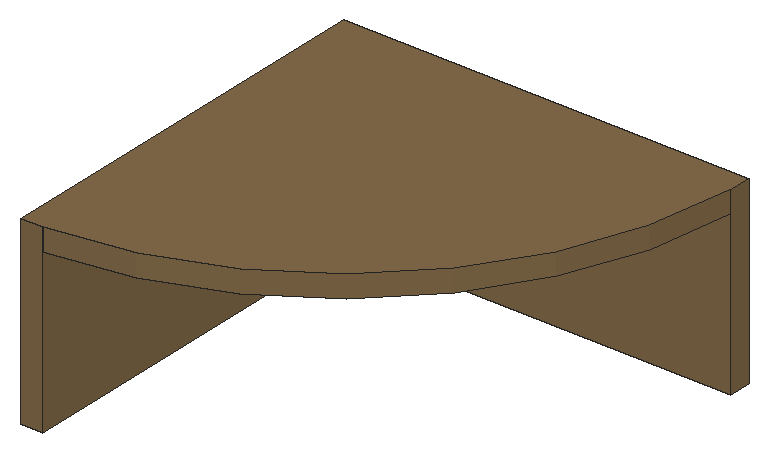
Revit family "角落夹", category 家具, Revit 2019
Family settings
  OmniClass 编号 = 23.40.20.00
  OmniClass 标题 = General Furniture and Specialties
  基于工作平面 = 否
  总是垂直 = 是
  加载时剪切的空心 = 否
  共享 = 否
  房间计算点 = 否
Parameters (values of type "黑胡桃木")
  高度 = 100 mm
  长度 = 220 mm
  说明 = "承重3kg"
  材质 = 胡桃木_黑色_树脂涂装
  成本 = 320
  宽度 = 220 mm
  型号 = "37462069"
  制造商 = "MUJI"
Types (3, lengths in mm): name | 材质 | 成本 | 型号
  (no name) | 胡桃木_黑色_树脂涂装 | 320 | "37462069"
  白橡木 | 橡木_白色_树脂涂装 | 280 | "37462038"
  黑胡桃木 | 胡桃木_黑色_树脂涂装 | 320 | "37462069"
Reference planes
  plane 1 "中心(前/后)": y = 0
  plane 2: z = 0
  plane 3 "中心(左/右)": x = 0
  plane 4: x = 220
  plane 5: y = -220
  plane 6: z = -100
  plane 7: z = -12
Forms (mm)
  Extrusion 1, solid, material "胡桃木_黑色_树脂涂装" <- "材质"
    sketch origin (0, 0, 0) x (1, 0, 0) y (0, 1, 0)
      loop
        spline (0, -220) -> (28.716, -218.118) -> (56.94, -212.504) -> (84.19, -203.253) -> (110, -190.526) -> (133.928, -174.538) -> (155.563, -155.563) -> (174.538, -133.928) -> (190.526, -110) -> (203.253, -84.19) -> (212.504, -56.94) -> (218.118, -28.716) -> (220, 0)
        line (220, 0) -> (0, 0) -> (0, -220)
    from -12 to 0
  Extrusion 2, solid, material "胡桃木_黑色_树脂涂装" <- "材质"
    sketch origin (0, 0, 0) x (1, 0, 0) y (0, 1, 0)
      loop
        line (0, -220) -> (12, -220) -> (12, -12) -> (220, -12) -> (220, 0) -> (0, 0) -> (0, -220)
    from -100 to 0
Cuts and joins
  joined: Extrusion 1, Extrusion 2
Dimensions and locks
  "长度": plane 4 to plane 3 "中心(左/右)"
  "宽度": plane 5 to plane 1 "中心(前/后)"
  "高度": plane 2 to plane 6
  "长度": Extrusion 1 sketch curve to Extrusion 1 sketch curve
  "宽度": Extrusion 1 sketch curve to Extrusion 1 sketch curve
  locked: plane 2 to plane 7 at 12
  locked: plane 1 "中心(前/后)" to Extrusion 2 sketch curve at 12
  locked: plane 3 "中心(左/右)" to Extrusion 2 sketch curve at 12
  aligned and locked: level to plane 2
  aligned and locked: plane 1 "中心(前/后)" to Extrusion 1 sketch curve
  aligned and locked: plane 3 "中心(左/右)" to Extrusion 1 sketch curve
  aligned and locked: plane 2 to Extrusion 1
  aligned and locked: Extrusion 1 to plane 7
  aligned and locked: plane 5 to Extrusion 2 sketch curve
  aligned and locked: plane 3 "中心(左/右)" to Extrusion 2 sketch curve
  aligned and locked: plane 1 "中心(前/后)" to Extrusion 2 sketch curve
  aligned and locked: Extrusion 2 sketch curve to plane 4
  aligned and locked: Extrusion 2 to plane 6
  aligned and locked: plane 2 to Extrusion 2
